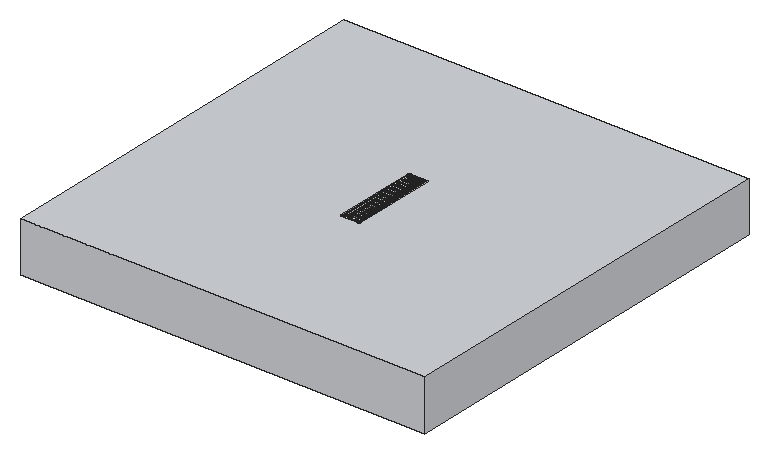
Revit family
Parameters (values of type "LDH1215")
  URL = "http://www.productspec.net/products/30299/holyoake-industries/linear-diffusers-ldh1215ldhf1215.aspx"
  Style [instance] = 5
  Type Comments = "Linear Diffuser"  # constant formula
  Style 5 [instance] = Style = 5  # yes
  Style 2 [instance] = Style = 2  # no
  Style 1 [instance] = Style = 1  # no
  Overall Width [instance] = Nominal Width + 17.00 mm  # 115.00 mm
  Overall Height [instance] = Nominal Height + 17.00 mm  # 515.00 mm
  Opening Width [instance] = Nominal Width - 17.00 mm  # 81.00 mm
  Opening Height [instance] = Nominal Height - 17.00 mm  # 481.00 mm
  Nominal Width [instance] = 98.00 mm
  Nominal Height [instance] = 498.00 mm
  Model = "LDH-1215"
  Manufacturer = "Holyoake Industries Ltd"  # constant formula
  LDH1215 = not(LDH1200)  # yes
  LDH1200 = no
  Frame and Bars = Alloy - Holyoake
  Flange Width [instance] = if(Style = 1, 23.85 mm, if(Style = 2, 27.00 mm, 15.60 mm))  # 15.60 mm
  Flange Thickness [instance] = if(Style = 1, 1.55 mm, if(Style = 2, 3.00 mm, 1.40 mm))  # 1.40 mm
  Exact Neck Width [instance] = Opening Width + 2 * Flange Thickness  # 83.80 mm
  Exact Neck Height [instance] = Opening Height + 2 * Flange Thickness  # 483.80 mm
  Engineering Data [instance] = "http://admin.productspec.net/nas/TechnicalFiles/2367/p30296/B15-B22%20LD.pdf"
  Depth [instance] = if(Style = 1, 22.35 mm, if(Style = 2, 27.00 mm, 45.50 mm))  # 45.50 mm
  Default Elevation = 1000.00 mm
  Created By = "Productspec Ltd"  # constant formula
  Choose Style [instance] = "Style = 1, 2, or 5"  # constant formula
  Blade Thickness = 6.98 mm
  Bar Width = 3.20 mm  # constant formula
  Bar Spacing = 12.50 mm  # constant formula
  Bar Offset [instance] = (Opening Width - Bar Width * Bar Number - (Bar Spacing - Bar Width) * (Bar Number - 1)) / 2 + Bar Width / 2  # 9.25 mm
  Bar Number [instance] = Opening Width / Bar Spacing  # 6
  Author = "DZZ"  # constant formula
Types (3, lengths in mm): name | URL | Style | Style 5 | Style 2 | Overall Width | Overall Height | Opening Width | Opening Height | Nominal Width | Nominal Height | Model | LDH1215 | LDH1200 | Flange Width | Flange Thickness | Exact Neck Width | Exact Neck Height | Depth | Blade Thickness | Bar Offset | Bar Number
  (no name) | "http://www.productspec.net/products/30299/holyoake-industries/linear-diffusers-ldh1215ldhf1215.aspx" | 5 | yes | no | 115.00 | 515.00 | 81.00 | 481.00 | 98.00 | 498.00 | "LDH-1215" | yes | no | 15.60 | 1.40 | 83.80 | 483.80 | 45.50 | 6.98 | 9.25 | 6
  LDH1200 | "http://www.productspec.net/products/30298/holyoake-industries/linear-diffusers-ldh1200ldhf1200.aspx" | 2 | no | yes | 67.00 | 436.00 | 33.00 | 402.00 | 50.00 | 419.00 | "LDH-1200" | no | yes | 27.00 | 3.00 | 39.00 | 408.00 | 27.00 | 5.15 | 4.00 | 3
  LDH1215 | "http://www.productspec.net/products/30299/holyoake-industries/linear-diffusers-ldh1215ldhf1215.aspx" | 5 | yes | no | 115.00 | 515.00 | 81.00 | 481.00 | 98.00 | 498.00 | "LDH-1215" | yes | no | 15.60 | 1.40 | 83.80 | 483.80 | 45.50 | 6.98 | 9.25 | 6
Reference planes
  plane 1 "Center (Front/Back)": y = 0
  plane 2: z = 0.003
  plane 3 "Center (Left/Right)": x = 0
  plane 4: x = -40.5
  plane 5: x = 40.5
  plane 6: y = -240.5
  plane 7: y = 240.5
  plane 8: x = -50.4
  plane 9: x = 47.6
  plane 10: y = 247.6
  plane 11: y = -250.4
  plane 12 "Bottom": z = -45.497
  plane 13: x = -31.25
  plane 14: x = -18.75
  plane 15: x = 41.9
  plane 16: x = -57.5
  plane 17: x = 57.5
  plane 18: x = -41.9
  plane 19: y = 241.9
  plane 20: y = -241.9
  plane 21: y = 257.5
  plane 22: y = -257.5
Forms (mm)
  Extrusion 1, solid
    sketch origin (0, 0, 0) x (1, 0, 0) y (0, 1, 0)
      loop
        line (-1219.2, 1219.2) -> (-1219.2, -1219.2) -> (1219.2, -1219.2) -> (1219.2, 1219.2) -> (-1219.2, 1219.2)
    from 0.003 to -304.8
  Sweep 2, solid, material "Alloy - Holyoake" <- "Frame and Bars", visible <- "Style 1", detail levels medium+fine
    path origin (0, 0, 0) x (1, 0, 0) y (0, 1, 0)
      loop
        line (-40.5, 240.5) -> (-40.5, -240.5) -> (40.5, -240.5) -> (40.5, 240.5) -> (-40.5, 240.5)
    profile "Holyoake_TradeLineSurround_profile : Trade Line Surround Profile" origin (-40.5, 0, 0) x (1, 0, 0) y (0, 0, 1)
      loop
        line (-25.4, 0) -> (-24.014, 0) -> (-22.223, 3.103) -> (-19.05, 3.103) -> (-19.05, 0.5) -> (-16.876, 0.5)
        arc (-16.876, 0.5) -> (-16.35, 1.026) -> (-16.876, 1.553) r 0.526
        line (-16.876, 1.553) -> (-17.9, 1.553) -> (-17.9, 3.103) -> (-3.5, 3.103) -> (-3.5, 1.553) -> (-4.524, 1.553)
        arc (-4.524, 1.553) -> (-5.05, 1.026) -> (-4.524, 0.5) r 0.526
        line (-4.524, 0.5) -> (-3.501, 0.5)
        arc (-3.501, 0.5) -> (-3.207, 0.114) -> (-2.757, 0.295) r 0.4
        line (-2.757, 0.295) -> (-1.55, 2.386) -> (-1.55, -22.347) -> (0, -22.347) -> (0, 1.553) -> (5, 1.553) -> (5, 3.103) -> (1.55, 3.103) -> (1.55, 4.653) -> (-22.714, 4.653) -> (-25.4, 0)
  Extrusion 3, solid, material "Alloy - Holyoake" <- "Frame and Bars", detail levels coarse+medium
    sketch origin (0, 0, -45.497) x (-1, 0, 0) y (0, -1, 0)
      loop
        line (40.5, -240.5) -> (40.5, 240.5) -> (-40.5, 240.5) -> (-40.5, -240.5) -> (40.5, -240.5)
    from 0 to 45.5 <- "Depth"
  Sweep 4, solid, material "Alloy - Holyoake" <- "Frame and Bars", visible <- "Style 2", detail levels medium+fine
    path origin (0, 0, 0) x (1, 0, 0) y (0, 1, 0)
      loop
        line (-40.5, 240.5) -> (-40.5, -240.5) -> (40.5, -240.5) -> (40.5, 240.5) -> (-40.5, 240.5)
    profile "Holyoake_LinearDiffuser_LDtype4_Track_profile : Holyoake_LinearDiffuser_LDtype4_Track_profile" origin (-40.5, 0, 0) x (1, 0, 0) y (0, 0, 1)
      loop
        line (0, 4) -> (-26.5, 4) -> (-30, 2) -> (-30, 0) -> (-20.9, 0) -> (-20.9, 1) -> (-22.5, 1) -> (-22.5, 2.4) -> (-8.1, 2.4) -> (-8.1, 1) -> (-9.7, 1) -> (-9.7, 0) -> (-3, 0) -> (-3, -27) -> (8.5, -27) -> (12, -25) -> (12, -23) -> (0, -23) -> (0, 4)
  Sweep 5, solid, material "Alloy - Holyoake" <- "Frame and Bars", visible <- "Style 5", detail levels medium+fine
    path origin (0, 0, 0) x (1, 0, 0) y (0, 1, 0)
      loop
        line (-40.5, 240.5) -> (-40.5, -240.5) -> (40.5, -240.5) -> (40.5, 240.5) -> (-40.5, 240.5)
    profile "Holyoake_LinearDiffuser_LDVB_Surround : LDVB Surround Profile" origin (-40.5, 0, 0) x (1, 0, 0) y (0, 0, 1)
      loop
        line (0, 4.5) -> (-14.5, 4.5) -> (-17, 2) -> (-17, 0) -> (-15.8, 0) -> (-15.8, 1.786) -> (-15, 2.586) -> (-15, 0.6) -> (-12.45, 0.6) -> (-12.45, 1.6) -> (-14, 1.6) -> (-14, 3.3) -> (-4.4, 3.3) -> (-4.4, 1.6) -> (-5.95, 1.6) -> (-5.95, 0.6) -> (-3.4, 0.6) -> (-3.4, 2.3)
        arc (-3.4, 2.3) -> (-2.4, 3.3) -> (-1.4, 2.3) r 1
        line (-1.4, 2.3) -> (-1.4, -45.5) -> (0, -45.5) -> (0, 4.5)
Dimensions and locks
  equal spacing: plane 4, plane 3 "Center (Left/Right)", plane 5
  "Opening Width": plane 4 to plane 5
  equal spacing: plane 6, plane 1 "Center (Front/Back)", plane 7
  "Opening Height": plane 6 to plane 7
  locked: plane 8 to plane 4 at 9.9
  locked: plane 11 to plane 6 at 9.9
  "Nominal Height": plane 11 to plane 10
  "Nominal Width": plane 8 to plane 9
  "Depth": plane 2 to plane 12 "Bottom"
  "Bar Offset": plane 13 to plane 4
  "Bar Spacing": plane 14 to plane 13
  equal spacing: group 1, group 2, group 5, group 6, group 7, group 11  (x3)
  equal spacing: group 3, group 4, group 8, group 9, group 10, group 12  (x3)
  "Flange Thickness": plane 4 to plane 18
  "Overall Width": plane 16 to plane 17
  "Exact Neck Width": plane 18 to plane 15
  "Flange Thickness": plane 19 to plane 7
  "Exact Neck Height": plane 20 to plane 19
  "Overall Height": plane 22 to plane 21
  "Flange Width": plane 21 to plane 19
  "Flange Width": plane 18 to plane 16
  aligned and locked: plane 2 to Extrusion 1
  aligned and locked: Sweep 2 sketch curve to plane 4
  aligned and locked: Sweep 2 sketch curve to plane 7
  aligned and locked: plane 5 to Sweep 2 sketch curve
  aligned and locked: plane 6 to Sweep 2 sketch curve
  aligned and locked: plane 13 to nested 1
  aligned and locked: plane 2 to nested 1
  aligned and locked: nested 1 to plane 1 "Center (Front/Back)"
  aligned and locked: nested 2 to plane 1 "Center (Front/Back)"
  aligned and locked: plane 4 to Extrusion 3 sketch curve
  aligned and locked: plane 7 to Extrusion 3 sketch curve
  aligned and locked: plane 6 to Extrusion 3 sketch curve
  aligned and locked: Extrusion 3 sketch curve to plane 5
  aligned and locked: Sweep 4 sketch curve to plane 4
  aligned and locked: Sweep 4 sketch curve to plane 7
  aligned and locked: plane 5 to Sweep 4 sketch curve
  aligned and locked: plane 6 to Sweep 4 sketch curve
  aligned and locked: Sweep 5 sketch curve to plane 7
  aligned and locked: Sweep 5 sketch curve to plane 4
  aligned and locked: plane 5 to Sweep 5 sketch curve
  aligned and locked: plane 6 to Sweep 5 sketch curve
  aligned and locked: plane 13 to nested 3
  aligned and locked: plane 2 to nested 3
  aligned and locked: nested 3 to plane 1 "Center (Front/Back)"
  aligned and locked: plane 14 to nested 4
  aligned and locked: plane 2 to nested 4
  aligned and locked: nested 4 to plane 1 "Center (Front/Back)"
  aligned and locked: plane 2 to nested 2
  aligned and locked: plane 14 to nested 2
Automatic sketch dimensions
  Extrusion 1 sketch curve to Extrusion 1 sketch curve = 2438.40 mm  (x2)
Nested families
  nested 1: "Holyoake_LinearDiffuser_LDH1200_Blade" at (-31.25, 0, 0.003) x (0, 1, 0) z (0, 0, 1), visible <- "LDH1200", type "LDH1200 Blade"
    with Length 481.00 mm
  nested 2: "Holyoake_LinearDiffuser_LDH1200_Blade" at (-18.75, 0, 0.003) x (0, 1, 0) z (0, 0, 1), visible <- "LDH1200", type "LDH1200 Blade"
    with Length 481.00 mm
  nested 3: "Holyoake_LinearDiffuser_LDH1215_Blade" at (-31.25, 0, 0.003) x (0, 1, 0) z (0, 0, 1), visible <- "LDH1215", type "LDH1215 Blade"
    with Length 481.00 mm
  nested 4: "Holyoake_LinearDiffuser_LDH1215_Blade" at (-18.75, 0, 0.003) x (0, 1, 0) z (0, 0, 1), visible <- "LDH1215", type "LDH1215 Blade"
    with Length 481.00 mm
  nested 5: "Holyoake_LinearDiffuser_LDH1200_Blade" at (-6.25, 0, 0.003) x (0, 1, 0) z (0, 0, 1), visible <- "LDH1200", type "LDH1200 Blade"
    with Length 481.00 mm
  nested 6: "Holyoake_LinearDiffuser_LDH1200_Blade" at (6.25, 0, 0.003) x (0, 1, 0) z (0, 0, 1), visible <- "LDH1200", type "LDH1200 Blade"
    with Length 481.00 mm
  nested 7: "Holyoake_LinearDiffuser_LDH1200_Blade" at (18.75, 0, 0.003) x (0, 1, 0) z (0, 0, 1), visible <- "LDH1200", type "LDH1200 Blade"
    with Length 481.00 mm
  nested 8: "Holyoake_LinearDiffuser_LDH1215_Blade" at (-6.25, 0, 0.003) x (0, 1, 0) z (0, 0, 1), visible <- "LDH1215", type "LDH1215 Blade"
    with Length 481.00 mm
  nested 9: "Holyoake_LinearDiffuser_LDH1215_Blade" at (6.25, 0, 0.003) x (0, 1, 0) z (0, 0, 1), visible <- "LDH1215", type "LDH1215 Blade"
    with Length 481.00 mm
  nested 10: "Holyoake_LinearDiffuser_LDH1215_Blade" at (18.75, 0, 0.003) x (0, 1, 0) z (0, 0, 1), visible <- "LDH1215", type "LDH1215 Blade"
    with Length 481.00 mm
  nested 11: "Holyoake_LinearDiffuser_LDH1200_Blade" at (31.25, 0, 0.003) x (0, 1, 0) z (0, 0, 1), visible <- "LDH1200", type "LDH1200 Blade"
    with Length 481.00 mm
  nested 12: "Holyoake_LinearDiffuser_LDH1215_Blade" at (31.25, 0, 0.003) x (0, 1, 0) z (0, 0, 1), visible <- "LDH1215", type "LDH1215 Blade"
    with Length 481.00 mm
Connectors
  hvac at (0, 0, -45.497), driven by "Nominal Height", driven by "Nominal Width"
    settings: on Extrusion 3, index 1
Definition of nested family "Holyoake_LinearDiffuser_LDH1200_Blade"
  Parameters (values of type "LDH1200 Blade")
    Width = 5.15 mm  # constant formula
    Model = "LDH1200 Blade"  # constant formula
    Manufacturer = "Holyoake Industries Ltd"  # constant formula
    Length = 400.00 mm
    Description = ""
    Created By = "Productspec Ltd"  # constant formula
    Blade = Alloy - Holyoake
    Author = "DZZ"  # constant formula
    Assembly Code = ""
  Reference planes
    plane 1 "Center": y = 0
    plane 2: z = 0
    plane 3 "Center (Left/Right)": x = 0
    plane 4: x = -200
    plane 5: x = 200
    plane 6: y = -2.575
    plane 7: y = 2.575
  Forms (mm)
    Sweep 1, solid, material "Alloy - Holyoake" <- "Blade", detail levels fine
      path origin (0, 0, 0) x (1, 0, 0) y (0, 1, 0)
        loop
          line (-200, 0) -> (200, 0)
      profile "Holyoake_LinearDiffuser_LDH1200_Blade_profile : Holyoake_LinearDiffuser_LDH1200_Blade_profile" origin (0, 0, 0) x (0, 1, 0) y (0, 0, 1)
        loop
          line (2.575, 0) -> (-2.575, 0) -> (-2.575, -1.57)
          arc (-2.575, -1.57) -> (-1.55, -2.709) -> (-1.18, -4.196) r 3.17
          line (-1.18, -4.196) -> (-1.18, -14.69)
          arc (-1.18, -14.69) -> (0, -15.87) -> (1.18, -14.69) r 1.18
          line (1.18, -14.69) -> (1.18, -4.196)
          arc (1.18, -4.196) -> (1.55, -2.709) -> (2.575, -1.57) r 3.17
          line (2.575, -1.57) -> (2.575, 0)
  Dimensions and locks
    "Length": plane 4 to plane 5
    equal spacing: plane 4, plane 3 "Center (Left/Right)", plane 5
    equal spacing: plane 7, plane 1 "Center", plane 6
    "Width": plane 7 to plane 6
    aligned and locked: Sweep 1 to plane 4
    aligned and locked: Sweep 1 to plane 5
  Automatic sketch dimensions
    Sweep 1 sketch curve to plane 1 "Center" = 0.00 mm
    Sweep 1 sketch curve to plane 4 = 0.00 mm
    Sweep 1 sketch curve to plane 5 = 0.00 mm
Definition of nested family "Holyoake_LinearDiffuser_LDH1215_Blade"
  Parameters (values of type "LDH1215 Blade")
    Width = 6.98 mm  # constant formula
    Model = "LDH1215 Blade"  # constant formula
    Manufacturer = "Holyoake Industries Ltd"  # constant formula
    Length = 400.00 mm
    Description = ""
    Created By = "Productspec Ltd"  # constant formula
    Blade = Alloy - Holyoake
    Author = "DZZ"  # constant formula
    Assembly Code = ""
  Reference planes
    plane 1 "Center": y = 0
    plane 2: z = 0
    plane 3 "Center (Left/Right)": x = 0
    plane 4: x = -200
    plane 5: x = 200
    plane 6: y = -3.49
    plane 7: y = 3.49
  Forms (mm)
    Sweep 1, solid, material "Alloy - Holyoake" <- "Blade", detail levels fine
      path origin (0, 0, 0) x (1, 0, 0) y (0, 1, 0)
        loop
          line (-200, 0) -> (200, 0)
      profile "Holyoake_LinearDiffuser_LDH1215_Blade_profile : Holyoake_LinearDiffuser_LDH1215_Blade_profile" origin (0, 0, 0) x (0, 1, 0) y (0, 0, 1)
        loop
          line (1.66, 0) -> (-3.49, 0) -> (0, -5.725) -> (0, -14.69)
          arc (0, -14.69) -> (1.175, -15.865) -> (2.35, -14.69) r 1.175
          line (2.35, -14.69) -> (2.35, -6.87) -> (3.49, -6.87) -> (1.66, 0)
  Dimensions and locks
    "Length": plane 4 to plane 5
    equal spacing: plane 4, plane 3 "Center (Left/Right)", plane 5
    equal spacing: plane 7, plane 1 "Center", plane 6
    "Width": plane 7 to plane 6
    aligned and locked: Sweep 1 to plane 4
    aligned and locked: Sweep 1 to plane 5
  Automatic sketch dimensions
    Sweep 1 sketch curve to plane 1 "Center" = 0.00 mm
    Sweep 1 sketch curve to plane 4 = 0.00 mm
    Sweep 1 sketch curve to plane 5 = 0.00 mm
